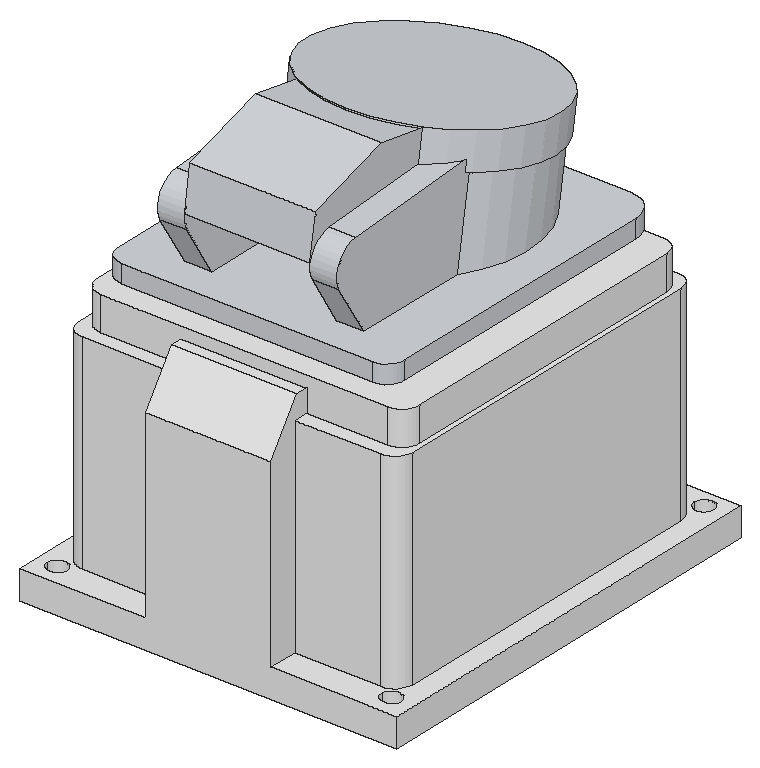
Revit family "Building-ConnessioniIEC309-GEWISS-IEC309HP-PRESE_FISSE_PAR_10°_32A_IP44", category Apparecchi elettrici, host Superficie, Revit 2019
Family settings
  Host = Superficie
  Mantenere orientamento annotazione = Sì
  Quota connettore circolare = Usa diametro
  Tipo di parte = Normale
  Taglio con vuoti quando caricato = No
  Condiviso = No
  Punto di calcolo locali = Sì
Parameters (values of type "GW62422 - PRESA FISSA 10°PAR.PR.3P+N+T 32A 500V 7H")
  simbolo acceso [instance] = yes
  distanza_simbolo [instance] = 1 mm
  distanza dal piano [instance] = 0 mm
  W = 115 mm  # constant formula
  Versione file RFA = "21.11"
  URL = "https://www.gewiss.com/it/it"
  Tipologia = "Presa fissa da parete 10°"
  Tipo Cablaggio = "A vite"
  Termopressione con biglia = "125 °C (Parti attive) - 80 °C (Parti passive)"
  Tensione nominale = "480-500V"
  Temperatura di utilizzo = "-25 +55 °C"
  Spostamento_effettivo_S [instance] = 4000 mm - Spostamento_S  # 3045 mm
  Spostamento_S = 955 mm
  Sportello_visibile = yes
  Sovraccarico ammissibile = "42A"
  Scheda Tecnica = "https://www.gewiss.com/it/it/search?q=GW62422"
  SPinotto = Default(2)
  SEO = "Presa"
  Riferimento h = "7"
  Resistenza di isolamento = "- 10 M?"
  Resistenza agli urti = "IK08"
  Prospetto di default = 500 mm
  Produttore = "GEWISS S.p.A."
  Prodotto a stock = ""
  Potere d'interruzione a 1,1 Un = "40A"
  Piastra = Default(2)
  N. poli = "3P+N+T"
  N. Manovre complessive = "-2000"
  Modello = "GW62422"
  L = 155 mm  # constant formula
  Immagine tipo = (empty or 0)
  IDT = "e56290d74415465eb94a97a5e8d73560"
  IDF = "994e9a97-b8e8-427c-9382-c53815a03ba9"
  Grado di protezione = "IP44"
  Glow wire test: = "850 °C (Parti attive) - 650 °C (Parti passive)"
  Frequenza = "50/60 Hz"
  FORMULA = 1000 mm * 1  # 1000 mm
  Descrizione = "PRESA FISSA 10°PAR.PR.3P+N+T 32A 500V 7H"
  Creato da GEWISS S.p.A. = ""
  Corrente nominale (A) = "32"
  Corpo centrale = Default(2)
  Colore: = "Nero"
  Codice Electrocod = "2210"
  Catalogo = "BUILDING"
  CapacitÃ  serraggio morsetti = "2,5-6 mm² cavi flessibili - 2,5-10 mm² cavi rigidi"
  COBie.Tagnumber = ""
  COBie.CreatedOn = ""
  COBie.CreatebBy = ""
  COBie.ComponentRegisterItemID = ""
  COBie.Component.TagNumber = ""
  COBie.Component.Space = ""
  COBie.Component.SerialNumber = ""
  COBie.Component.InstallationDate = ""
  COBie.Component.Description = ""
  COBie.Component.BarCode = ""
  BLOCCO = "B=C"
Types (11, lengths in mm): name | Tensione nominale | Scheda Tecnica | Riferimento h | N. poli | Modello | IDT | Descrizione | Colore:
  GW62412 - PRESA FISSA 10°PAR.PR.2P+T 32A 110V 4H | "100-130V" | "https://www.gewiss.com/it/it/search?q=GW62412" | "4" | "2P+T" | "GW62412" | "a7dab981ee004b7d8748d08db21b9ada" | "PRESA FISSA 10°PAR.PR.2P+T 32A 110V 4H" | "Giallo"
  GW62413 - PRESA FISSA 10°PAR.PR.3P+T 32A 110V 4H | "100-130V" | "https://www.gewiss.com/it/it/search?q=GW62413" | "4" | "3P+T" | "GW62413" | "cfb034643ea440a2b830dae04109279a" | "PRESA FISSA 10°PAR.PR.3P+T 32A 110V 4H" | "Giallo"
  GW62414 - PRESA FISSA 10°PAR.PR.3P+N+T 32A 110V 4H | "100-130V" | "https://www.gewiss.com/it/it/search?q=GW62414" | "4" | "3P+N+T" | "GW62414" | "6c024dd7679c428695b3ffa366d4110e" | "PRESA FISSA 10°PAR.PR.3P+N+T 32A 110V 4H" | "Giallo"
  GW62415 - PRESA FISSA 10°PAR.PR.2P+T 32A 230V 6H | "200-250V" | "https://www.gewiss.com/it/it/search?q=GW62415" | "6" | "2P+T" | "GW62415" | "418f4406cd3a41f79fbc71380506f30d" | "PRESA FISSA 10°PAR.PR.2P+T 32A 230V 6H" | "Blu"
  GW62416 - PRESA FISSA 10°PAR.PR.3P+T 32A 230V 9H | "200-250V" | "https://www.gewiss.com/it/it/search?q=GW62416" | "9" | "3P+T" | "GW62416" | "4c3b958f72194db6b5eb65783c90cdcf" | "PRESA FISSA 10°PAR.PR.3P+T 32A 230V 9H" | "Blu"
  GW62417 - PRESA FISSA 10°PAR.PR.3P+N+T 32A 230V 9H | "200-250V" | "https://www.gewiss.com/it/it/search?q=GW62417" | "9" | "3P+N+T" | "GW62417" | "bea48a01646140aa9d9c04f0b2b894f9" | "PRESA FISSA 10°PAR.PR.3P+N+T 32A 230V 9H" | "Blu"
  GW62418 - PRESA FISSA 10°PAR.PR.2P+T 32A 400V 9H | "380-415V" | "https://www.gewiss.com/it/it/search?q=GW62418" | "9" | "2P+T" | "GW62418" | "102ae2ff2cfd4e079bc437688800c38d" | "PRESA FISSA 10°PAR.PR.2P+T 32A 400V 9H" | "Rosso"
  GW62419 - PRESA FISSA 10°PAR.PR.3P+T 32A 400V 6H | "380-415V" | "https://www.gewiss.com/it/it/search?q=GW62419" | "6" | "3P+T" | "GW62419" | "8d38ac094602461c9717a7080df86d98" | "PRESA FISSA 10°PAR.PR.3P+T 32A 400V 6H" | "Rosso"
  GW62420 - PRESA FISSA 10°PAR.PR.3P+N+T 32A 400V 6H | "380-415V" | "https://www.gewiss.com/it/it/search?q=GW62420" | "6" | "3P+N+T" | "GW62420" | "90094f945908400787bb18f5cf23e2b9" | "PRESA FISSA 10°PAR.PR.3P+N+T 32A 400V 6H" | "Rosso"
  GW62421 - PRESA FISSA 10°PAR.PR.3P+T 32A 500V 7H | "480-500V" | "https://www.gewiss.com/it/it/search?q=GW62421" | "7" | "3P+T" | "GW62421" | "371efae5063b47828139bba0a89bacfc" | "PRESA FISSA 10°PAR.PR.3P+T 32A 500V 7H" | "Nero"
  GW62422 - PRESA FISSA 10°PAR.PR.3P+N+T 32A 500V 7H | "480-500V" | "https://www.gewiss.com/it/it/search?q=GW62422" | "7" | "3P+N+T" | "GW62422" | "e56290d74415465eb94a97a5e8d73560" | "PRESA FISSA 10°PAR.PR.3P+N+T 32A 500V 7H" | "Nero"
Reference planes
  plane 1 "Centro (Fronte/Retro)": y = 0
  plane 2: z = 0
  plane 3 "Centro (Sinistra/Destra)": x = 0
  plane 4: x = -3000
  plane 5: x = 45
  plane 6: z = 0
Dimensions and locks
  plane 4 to plane 3 "Centro (Sinistra/Destra)" = 3000 mm
  "Spostamento_effettivo_S": plane 4 to plane 5
  "distanza dal piano": plane 6 to plane 2
  aligned and locked: plane 2 to host face
  aligned and locked: level to host face
  aligned and locked: plane 3 "Centro (Sinistra/Destra)" to nested 1
  aligned and locked: plane 1 "Centro (Fronte/Retro)" to nested 1
  aligned and locked: nested 2 to plane 5
  aligned and locked: plane 1 "Centro (Fronte/Retro)" to nested 3
  aligned and locked: plane 3 "Centro (Sinistra/Destra)" to nested 3
Automatic sketch dimensions
  host sketch curve to host sketch curve = 2438.4 mm  (x2)
Nested families
  nested 1: "IEC309 PRESE FISSE PARETE 10' 16A IP44_BASE" at (0, 0, 0), type "IEC309 PRESE FISSE PARETE 10' 16A IP44_BASE"
  nested 2: "GWGW62201FH - SIMBOLO_PRESA" at (45, 171.559, 0), visible <- "simbolo acceso", Distanza dal muro <- "distanza_simbolo", type "3P"
    with SIMBOLO ACCESO yes, Distanza dal muro 1 mm
  nested 3: "GW62412_dett_presa front" at (0, 3.479, 0), type "GW62412_dett_presa front"
Connectors
  electrical at (37.5, 30, 0)
    settings: on nested 1, index 1, voltage 0 V, apparent load 0 VA, apparent load phase1 0 VA, apparent load phase2 0 VA, apparent load phase3 0 VA, power factor 1, load classification "Altro", number of poles 1, system type 31, power factor state 1, is connector primary yes, connector utility no, sub classification motor no, connector description ""
Definition of nested family "IEC309 PRESE FISSE PARETE 10' 16A IP44_BASE"
  Parameters (values of type "IEC309 PRESE FISSE PARETE 10' 16A IP44_BASE")
    sp_ghiera = 16 mm
    r2 = 39 mm
    h = 120 mm  # constant formula
    dis_base = 71 mm
    Sportello = yes
    Spinotto = none
    R1 = 42 mm
    PIASTRA = none
    Lunghezza totale = 140 mm
    CENTRALE = none
    Bsae = 105 mm  # constant formula
  Reference planes
    plane 1 "Centro (Fronte/Retro)": y = 0
    plane 2: z = 0
    plane 3 "Centro (Sinistra/Destra)": x = 0
    plane 4: x = 105
    plane 5: y = 120
    plane 6: x = 52.5
    plane 7: y = 114.875
    plane 8: y = 5.75
    plane 9: x = 5.75
    plane 10: x = 99
    plane 11: z = 8
    plane 12: y = 111.673
    plane 13: y = 8.334
    plane 14: z = 66
    plane 15: x = 7.498
    plane 16: y = 108.673
    plane 17: x = 97.498
    plane 18: y = 12.508
    plane 19: z = 75.463
    plane 20: x = 27.511
    plane 21: x = 32.023
    plane 22: x = 77.489
    plane 23: x = 72.977
    plane 24: x = 35.01
    plane 25: x = 69.99
    plane 26: x = 12.474
    plane 27: y = 107.576
    plane 28: x = 92.474
    plane 29: y = 13.508
  Forms (mm)
    Extrusion 1, solid, material <- "PIASTRA"
      sketch origin (0, 0, 0) x (1, 0, 0) y (0, 1, 0)
        loop
          line (0, 120) -> (0, 0) -> (105, 0) -> (105, 120) -> (0, 120)
      from 0 to 8
    Extrusion 2, void
      sketch origin (0, 0, 0) x (1, 0, 0) y (0, 1, 0)
        loop
          circle (5.75, 114.875) r 2.8
        loop
          circle (99, 114.875) r 2.8
        loop
          circle (5.75, 5.75) r 2.8
        loop
          circle (99, 5.75) r 2.8
      from 0 to 8
    Extrusion 3, solid, material <- "PIASTRA"
      sketch origin (0, 0, 0) x (1, 0, 0) y (0, 1, 0)
        loop
          line (5.75, 106.673) -> (5.75, 13.334)
          arc (5.75, 13.334) -> (7.214, 9.799) -> (10.75, 8.334) r 5
          line (10.75, 8.334) -> (94, 8.334)
          arc (94, 8.334) -> (97.536, 9.799) -> (99, 13.334) r 5
          line (99, 13.334) -> (99, 106.673)
          arc (99, 106.673) -> (97.536, 110.208) -> (94, 111.673) r 5
          line (94, 111.673) -> (10.75, 111.673)
          arc (10.75, 111.673) -> (7.214, 110.208) -> (5.75, 106.673) r 5
      from 8 to 66
    Extrusion 4, solid, material <- "PIASTRA"
      sketch origin (0, 0, 0) x (1, 0, 0) y (0, 1, 0)
        loop
          arc (12.498, 108.673) -> (8.962, 107.208) -> (7.498, 103.673) r 5
          line (7.498, 103.673) -> (7.498, 17.508)
          arc (7.498, 17.508) -> (8.962, 13.972) -> (12.498, 12.508) r 5
          line (12.498, 12.508) -> (92.498, 12.508)
          arc (92.498, 12.508) -> (96.033, 13.972) -> (97.498, 17.508) r 5
          line (97.498, 17.508) -> (97.498, 103.673)
          arc (97.498, 103.673) -> (96.033, 107.208) -> (92.498, 108.673) r 5
          line (92.498, 108.673) -> (12.498, 108.673)
      from 66 to 75.463
    Extrusion 5, solid, material <- "PIASTRA"
      sketch origin (0, 110, 0) x (0, -1, 0) y (0, 0, -1)
        loop
          line (-10, 0) -> (-10, -59.349) -> (-0.915, -72.253) -> (2.903, -72.253) -> (2.903, 0) -> (-10, 0)
      from 35.01 to 69.99
    Extrusion 6, solid, material <- "PIASTRA"
      sketch origin (0, 10, 0) x (0, 1, 0) y (0, 0, 1)
        loop
          line (-10, 0) -> (2.508, 0) -> (2.508, 72.253) -> (-0.915, 72.253) -> (-10, 59.349) -> (-10, 0)
      from 35.01 to 69.99
    Extrusion 7, solid
      sketch origin (0, 0, 0) x (1, 0, 0) y (0, 1, 0)
        loop
          arc (12.474, 18.508) -> (13.938, 14.972) -> (17.474, 13.508) r 5
          line (17.474, 13.508) -> (87.474, 13.508)
          arc (87.474, 13.508) -> (91.009, 14.972) -> (92.474, 18.508) r 5
          line (92.474, 18.508) -> (92.474, 99.118)
          arc (92.474, 99.118) -> (89.997, 105.099) -> (84.016, 107.576) r 8.458
          line (84.016, 107.576) -> (17.474, 107.576)
          arc (17.474, 107.576) -> (13.938, 106.111) -> (12.474, 102.576) r 5
          line (12.474, 102.576) -> (12.474, 18.508)
      from 79.524 to 84.524
    Sweep 8, solid
      path origin (0, 0, 0) x (0, 1, 0) y (0, 0, 1)
        loop
          line (76.838, 105.496) -> (78.575, 115.349)
      profile origin (0, 77.707, 110.423) x (0, -0.984808, 0.173648) y (1, 0, 0)
        loop
          circle (0, 52.5) r 31.5
    Extrusion 9, solid
      sketch origin (0, 0, 0) x (0, 1, 0) y (0, 0, 1)
        loop
          arc (13.666, 103.089) -> (15.893, 107.235) -> (20.216, 109.093) r 7.136
          line (20.216, 109.093) -> (51.287, 111.282) -> (52.751, 119.59) -> (38.491, 122.104) -> (15.564, 115.091) -> (13.666, 103.089)
      from 35.01 to 69.99
    Sweep 10, solid
      path origin (0, 0, 0) x (0, 1, 0) y (0, 0, 1)
        loop
          line (76.838, 105.496) -> (72.258, 79.524)
      profile origin (0, 74.548, 92.51) x (0, 0.984808, -0.173648) y (1, 0, 0)
        loop
          circle (0, 52.5) r 30.5
    Extrusion 11, solid
      sketch origin (0, 0, 0) x (0, 1, 0) y (0, 0, 1)
        loop
          arc (20.216, 109.093) -> (14.465, 105.419) -> (14.43, 98.594) r 7.136
          line (14.43, 98.594) -> (23.098, 84.524) -> (56.917, 84.524) -> (61.765, 112.02) -> (20.216, 109.093)
      from 27.511 to 35.01
    Extrusion 12, solid
      sketch origin (105, 0, 0) x (0, 1, 0) y (0, 0, -1)
        loop
          line (20.216, -109.093) -> (61.765, -112.02) -> (56.917, -84.524) -> (23.098, -84.524) -> (14.43, -98.594)
          arc (14.43, -98.594) -> (14.465, -105.419) -> (20.216, -109.093) r 7.136
      from 27.511 to 35.01
  Cuts and joins
    Extrusion 2 cuts Extrusion 1
    joined: Extrusion 1, Extrusion 3, Extrusion 5, Extrusion 6
    joined: Extrusion 7, Sweep 10, Extrusion 11, Extrusion 12
  Dimensions and locks
    plane 3 "Centro (Sinistra/Destra)" to plane 4 = 105 mm
    plane 1 "Centro (Fronte/Retro)" to plane 5 = 120 mm
    equal spacing: plane 3 "Centro (Sinistra/Destra)", plane 6, plane 4
    locked: plane 3 "Centro (Sinistra/Destra)" to plane 9 at 5.75
    locked: plane 10 to plane 4 at 6
    locked: plane 1 "Centro (Fronte/Retro)" to plane 8 at 5.75
    locked: plane 5 to plane 7 at 5.125
    locked: plane 11 to level at 8
    "Bsae": plane 3 "Centro (Sinistra/Destra)" to plane 4
    "h": plane 1 "Centro (Fronte/Retro)" to plane 5
    locked: plane 12 to plane 7 at 3.202
    locked: plane 8 to plane 13 at 2.584
    locked: plane 14 to plane 11 at 58
    locked: plane 17 to plane 10 at 1.502
    locked: plane 20 to plane 21 at 4.513
    locked: plane 23 to plane 22 at 4.513
    equal spacing: plane 20, plane 6, plane 22
    locked: plane 12 to plane 16 at 3
    equal spacing: plane 24, plane 6, plane 25
    plane 24 to plane 25 = 34.979 mm
    locked: plane 16 to plane 27 at 1.097
    locked: plane 9 to plane 26 at 6.724
    locked: plane 28 to plane 10 at 6.526
    plane 18 to plane 29 = 1 mm
    diameter of cut or joined group of Extrusion 1, Extrusion 2, Extrusion 3, Extrusion 5, Extrusion 6 = 5.6 mm
    radius of Extrusion 3 sketch curve = 5 mm  (x3)
    radius of Extrusion 4 sketch curve = 5 mm  (x3)
    radius of Extrusion 7 sketch curve = 5 mm  (x3)
    radius of Extrusion 7 sketch curve = 8.458 mm
    aligned and locked: level to plane 2
    aligned and locked: Extrusion 1 sketch curve to plane 3 "Centro (Sinistra/Destra)"
    aligned and locked: Extrusion 1 sketch curve to plane 5
    aligned and locked: Extrusion 1 sketch curve to plane 4
    aligned and locked: Extrusion 1 sketch curve to plane 1 "Centro (Fronte/Retro)"
    aligned and locked: plane 11 to Extrusion 1
    aligned and locked: plane 9 to Extrusion 2 sketch curve  (x2)
    aligned and locked: plane 7 to Extrusion 2 sketch curve  (x2)
    aligned and locked: plane 10 to Extrusion 2 sketch curve  (x2)
    aligned and locked: plane 8 to Extrusion 2 sketch curve  (x2)
    aligned and locked: cut or joined group of Extrusion 1, Extrusion 2, Extrusion 3, Extrusion 5, Extrusion 6 to level
    aligned and locked: Extrusion 1 to Extrusion 2
    aligned and locked: Extrusion 3 sketch curve to plane 9
    aligned and locked: Extrusion 3 sketch curve to plane 10
    aligned and locked: Extrusion 3 sketch curve to plane 13
    aligned and locked: plane 12 to Extrusion 3 sketch curve
    aligned and locked: plane 14 to Extrusion 3
    aligned and locked: Extrusion 3 to plane 11
    aligned and locked: Extrusion 4 sketch curve to plane 16
    aligned and locked: Extrusion 4 sketch curve to plane 15
    aligned and locked: Extrusion 4 sketch curve to plane 17
    aligned and locked: Extrusion 4 sketch curve to plane 18
    aligned and locked: Extrusion 4 to plane 14
    aligned and locked: Extrusion 4 to plane 19
    aligned and locked: Extrusion 5 to plane 25
    aligned and locked: Extrusion 5 to plane 24
    aligned and locked: Extrusion 7 sketch curve to plane 26
    aligned and locked: Extrusion 7 sketch curve to plane 27
    aligned and locked: Extrusion 7 sketch curve to plane 28
    aligned and locked: plane 29 to Extrusion 7 sketch curve
    aligned and locked: Extrusion 6 sketch curve to plane 18
    aligned and locked: plane 6 to Sweep 8 sketch curve
    aligned and locked: plane 24 to Extrusion 9
    aligned and locked: Extrusion 9 to plane 25
    aligned and locked: plane 6 to Sweep 10 sketch curve
    aligned and locked: Extrusion 11 sketch curve to Extrusion 9  (x2)
    aligned and locked: Extrusion 7 to Extrusion 11 sketch curve
    aligned and locked: Extrusion 11 to plane 20
    aligned and locked: Extrusion 11 to cut or joined group of Extrusion 1, Extrusion 2, Extrusion 3, Extrusion 5, Extrusion 6
  Automatic sketch dimensions
    plane 26 to Extrusion 3 sketch curve = 1.724 mm
    Extrusion 4 sketch curve to plane 26 = 0.024 mm
    Extrusion 5 sketch curve to level = 0 mm
    Extrusion 5 sketch curve to plane 5 = 0 mm
    Extrusion 5 sketch curve to plane 12 = 0.758 mm
    plane 27 to Extrusion 5 sketch curve = 0.479 mm
    plane 14 to Extrusion 5 sketch curve = 6.651 mm
    Extrusion 5 sketch curve to plane 19 = 3.211 mm
    Extrusion 6 sketch curve to level = 0 mm
    Extrusion 6 sketch curve to plane 1 "Centro (Fronte/Retro)" = 0 mm
    Extrusion 6 sketch curve to plane 13 = 0.751 mm
    Extrusion 6 sketch curve to plane 14 = 6.651 mm
    Extrusion 7 sketch curve to Extrusion 7 sketch curve = 0 mm
    Sweep 8 sketch curve to plane 27 = 30.738 mm
    Sweep 8 sketch curve to plane 19 = 30.033 mm
    Sweep 8 sketch curve to Sweep 8 sketch curve = 1.737 mm
    Sweep 8 sketch curve to Sweep 8 sketch curve = 9.852 mm
    Sweep 8 sketch curve to profile plane = 0 mm
    Extrusion 9 sketch curve to Extrusion 9 sketch curve = 18.275 mm
    Extrusion 9 sketch curve to plane 19 = 35.818 mm
    Extrusion 9 sketch curve to Extrusion 9 sketch curve = 1.465 mm
    Extrusion 9 sketch curve to Extrusion 9 sketch curve = 8.308 mm
    plane 29 to Extrusion 9 sketch curve = 0.158 mm
    Extrusion 9 sketch curve to Extrusion 9 sketch curve = 0 mm  (x2)
    Sweep 10 sketch curve to plane 19 = 4.061 mm
    Sweep 10 sketch curve to plane 27 = 35.317 mm
    Sweep 10 sketch curve to Sweep 10 sketch curve = 4.58 mm
    Sweep 10 sketch curve to Sweep 10 sketch curve = 25.972 mm
    Sweep 10 sketch curve to profile plane = 0 mm
    Extrusion 11 sketch curve to Extrusion 11 sketch curve = 33.818 mm
    Extrusion 11 sketch curve to plane 19 = 36.557 mm
    plane 29 to Extrusion 12 sketch curve = 0.922 mm
    plane 29 to Extrusion 12 sketch curve = 6.708 mm
    Extrusion 12 sketch curve to Extrusion 12 sketch curve = 0.498 mm
    plane 29 to Extrusion 12 sketch curve = 9.591 mm
    Extrusion 12 sketch curve to plane 19 = 9.061 mm
    Extrusion 12 sketch curve to Extrusion 12 sketch curve = 33.818 mm
    Extrusion 12 sketch curve to Extrusion 12 sketch curve = 4.848 mm
    Extrusion 12 sketch curve to Extrusion 12 sketch curve = 14.07 mm
    Extrusion 12 sketch curve to Extrusion 12 sketch curve = 3.38 mm
    Extrusion 12 sketch curve to Extrusion 12 sketch curve = 27.496 mm
    plane 19 to Extrusion 6 sketch curve = 3.211 mm
    plane 29 to Extrusion 9 sketch curve = 2.056 mm
    plane 29 to Extrusion 9 sketch curve = 6.708 mm
    Extrusion 9 sketch curve to Extrusion 9 sketch curve = 7.048 mm
    Extrusion 9 sketch curve to Extrusion 9 sketch curve = 12.795 mm
    Extrusion 9 sketch curve to Extrusion 9 sketch curve = 2.189 mm
    Extrusion 9 sketch curve to Extrusion 9 sketch curve = 7.118 mm
    Extrusion 9 sketch curve to Extrusion 9 sketch curve = 5.998 mm
    Extrusion 9 sketch curve to Extrusion 9 sketch curve = 2.514 mm
    plane 29 to Extrusion 11 sketch curve = 0.922 mm
    plane 29 to Extrusion 11 sketch curve = 9.591 mm
    radius of Extrusion 2 sketch curve = 2.8 mm  (x4)
    radius of Sweep 8 sketch curve = 31.5 mm
    radius of Sweep 10 sketch curve = 30.5 mm
Definition of nested family "GWGW62201FH - SIMBOLO_PRESA"
  Parameters (values of type "3P")
    SIMBOLO ACCESO [instance] = yes
    Distanza dal muro [instance] = 0 mm
  Reference planes
    plane 1: y = 0
    plane 2: x = 0
  Dimensions and locks
    "Distanza dal muro": plane 1 to nested 1
    aligned and locked: plane 2 to nested 1
  Nested families
    nested 1: "GWGW62201FH - SIMBOLO" at (0, 0, 0), visible <- "SIMBOLO ACCESO", type "3P"
  Definition of nested family "GWGW62201FH - SIMBOLO"
    Parameters (values of type "3P")
      CORNICE SIMBOLO [instance] = yes
      3P = yes
    Reference planes
      plane 1: y = 0
      plane 2: x = 0
    Lines and regions (mm)
      detail lines
        curve 1: circle (-0.314, 0.674, 0) r 0.057 normal (0, 0, 1)
        curve 2: arc (0.346, -0.009, 0) -> (0, 0.337, 0) -> (-0.346, -0.009, 0) r 0.346
        curve 3: line (0, 0.337, 0) -> (0.346, 0.337, 0)
        curve 4: line (0, 3.386, 0) -> (0, 0.337, 0)
        curve 5: line (0, 0.337, 0) -> (-0.314, 0.674, 0)
Definition of nested family "GW62412_dett_presa front"
  Reference planes
    plane 1 "Centro (Fronte/Retro)": y = 0
    plane 2: z = 0
    plane 3 "Centro (Sinistra/Destra)": x = 0
  Lines and regions (mm)
    detail lines, in view "Livello rif."
      curve 1: arc (74.277, 69.357, 0) -> (52.474, 77.362, 0) -> (30.67, 69.357, 0) r 33.699
      curve 2: spline (30.67, 70.944, 0) -> (28.735, 69.156, 0) -> (26.952, 67.222, 0) -> (25.33, 65.154, 0) -> (23.88, 62.966, 0) -> (22.612, 60.671, 0) -> (21.534, 58.284, 0) -> (20.652, 55.82, 0) -> (19.972, 53.294, 0) -> (19.498, 50.723, 0) -> (19.233, 48.123, 0) -> (19.18, 45.511, 0) -> (19.338, 42.903, 0)
      curve 3: spline (85.61, 42.911, 0) -> (85.767, 45.518, 0) -> (85.713, 48.13, 0) -> (85.448, 50.729, 0) -> (84.974, 53.299, 0) -> (84.294, 55.824, 0) -> (83.412, 58.287, 0) -> (82.333, 60.674, 0) -> (81.066, 62.968, 0) -> (79.616, 65.156, 0) -> (77.995, 67.223, 0) -> (76.211, 69.157, 0) -> (74.277, 70.944, 0)
      curve 4: spline (31.986, 99.872, 0) -> (31.814, 99.86, 0) -> (31.645, 99.826, 0) -> (31.482, 99.769, 0) -> (31.328, 99.691, 0) -> (31.185, 99.593, 0) -> (31.055, 99.476, 0) -> (30.942, 99.344, 0) -> (30.846, 99.197, 0) -> (30.77, 99.038, 0) -> (30.715, 98.871, 0) -> (30.681, 98.698, 0) -> (30.67, 98.521, 0)
      curve 5: line (31.17, 79.876, 0) -> (30.788, 79.987, 0)
      curve 6: line (31.307, 79.868, 0) -> (30.788, 79.987, 0)
      curve 7: line (73.643, 79.874, 0) -> (31.307, 79.868, 0)
      curve 8: line (73.779, 79.883, 0) -> (74.16, 79.994, 0)
      curve 9: line (73.643, 79.874, 0) -> (74.16, 79.994, 0)
      curve 10: spline (74.277, 98.521, 0) -> (74.266, 98.698, 0) -> (74.232, 98.871, 0) -> (74.177, 99.039, 0) -> (74.101, 99.197, 0) -> (74.005, 99.344, 0) -> (73.892, 99.477, 0) -> (73.762, 99.593, 0) -> (73.619, 99.691, 0) -> (73.464, 99.769, 0) -> (73.301, 99.826, 0) -> (73.132, 99.86, 0) -> (72.96, 99.872, 0)
      curve 11: spline (78.446, 44.022, 0) -> (77.561, 50.642, 0) -> (74.967, 56.811, 0) -> (70.839, 62.109, 0) -> (65.46, 66.173, 0) -> (59.196, 68.729, 0) -> (52.474, 69.6, 0) -> (45.751, 68.729, 0) -> (39.487, 66.173, 0) -> (34.108, 62.109, 0) -> (29.98, 56.811, 0) -> (27.386, 50.642, 0) -> (26.501, 44.022, 0) -> (27.386, 37.402, 0) -> (29.98, 31.233, 0) -> (34.108, 25.935, 0) -> (39.487, 21.87, 0) -> (45.751, 19.315, 0) -> (52.474, 18.444, 0) -> (59.196, 19.315, 0) -> (65.46, 21.87, 0) -> (70.839, 25.935, 0) -> (74.967, 31.233, 0) -> (77.561, 37.402, 0) -> (78.446, 44.022, 0)
      curve 12: arc (19.505, 41.246, 0) -> (20.828, 34.911, 0) -> (23.388, 28.967, 0) r 32.303
      curve 13: arc (23.387, 28.966, 0) -> (26.643, 24.163, 0) -> (30.695, 20.01, 0) r 32.746
      curve 14: arc (30.857, 19.805, 0) -> (31.078, 19.376, 0) -> (31.309, 18.951, 0) r 22.139
      curve 15: line (74.253, 20.011, 0) -> (31.309, 18.951, 0)
      curve 16: spline (74.253, 20.011, 0) -> (75.871, 21.5, 0) -> (77.385, 23.091, 0) -> (78.789, 24.778, 0) -> (80.076, 26.554, 0) -> (81.241, 28.409, 0) -> (82.278, 30.336, 0) -> (83.184, 32.326, 0) -> (83.953, 34.371, 0) -> (84.583, 36.461, 0) -> (85.07, 38.587, 0) -> (85.413, 40.74, 0) -> (85.61, 42.911, 0)
      curve 17: arc (30.237, 74.6, 0) -> (30.557, 75.043, 0) -> (30.67, 75.578, 0) r 1.321
      curve 18: spline (30.237, 74.6, 0) -> (28.626, 73.008, 0) -> (27.126, 71.308, 0) -> (25.744, 69.508, 0) -> (24.485, 67.617, 0) -> (23.356, 65.643, 0) -> (22.362, 63.595, 0) -> (21.507, 61.483, 0) -> (20.796, 59.317, 0) -> (20.232, 57.106, 0) -> (19.817, 54.862, 0) -> (19.553, 52.593, 0) -> (19.442, 50.311, 0)
      curve 19: spline (85.505, 50.311, 0) -> (85.394, 52.595, 0) -> (85.13, 54.865, 0) -> (84.714, 57.112, 0) -> (84.149, 59.324, 0) -> (83.437, 61.492, 0) -> (82.581, 63.605, 0) -> (81.585, 65.654, 0) -> (80.454, 67.629, 0) -> (79.194, 69.522, 0) -> (77.809, 71.322, 0) -> (76.307, 73.022, 0) -> (74.694, 74.614, 0)
      curve 20: arc (74.277, 75.578, 0) -> (74.386, 75.053, 0) -> (74.694, 74.614, 0) r 1.321
      curve 21: line (74.277, 69.357, 0) -> (74.277, 78.193, 0)
      curve 22: line (74.277, 78.193, 0) -> (74.277, 98.521, 0)
      curve 23: line (30.67, 98.521, 0) -> (30.67, 78.193, 0)
      curve 24: line (30.67, 78.193, 0) -> (30.67, 69.357, 0)
      curve 25: line (31.986, 99.872, 0) -> (35.493, 99.872, 0)
      curve 26: line (35.493, 99.872, 0) -> (36.167, 99.872, 0)
      curve 27: line (36.167, 99.872, 0) -> (68.782, 99.872, 0)
      curve 28: line (68.782, 99.872, 0) -> (69.454, 99.872, 0)
      curve 29: line (69.454, 99.872, 0) -> (72.96, 99.872, 0)
      curve 30: line (19.505, 41.246, 0) -> (19.338, 42.903, 0)
      curve 31: arc (84.55, 7.455, 0) -> (90.155, 9.826, 0) -> (92.47, 15.455, 0) r 8
      curve 32: arc (12.47, 15.455, 0) -> (14.785, 9.826, 0) -> (20.39, 7.455, 0) r 8
      curve 33: circle (82.469, 90.102, 0) r 2.09 normal (0, 0, 1)
      curve 34: circle (22.469, 90.102, 0) r 2.072 normal (0, 0, 1)
      curve 35: circle (22.469, 20.094, 0) r 2.068 normal (0, 0, 1)
      curve 36: circle (82.468, 20.094, 0) r 2.075 normal (0, 0, 1)
      curve 37: line (72.295, 30.252, 0) -> (71.634, 29.591, 0)
      curve 38: spline (33.313, 29.591, 0) -> (36.445, 29.452, 0) -> (39.611, 29.337, 0) -> (42.803, 29.248, 0) -> (46.016, 29.185, 0) -> (49.241, 29.146, 0) -> (52.474, 29.133, 0) -> (55.706, 29.146, 0) -> (58.932, 29.185, 0) -> (62.144, 29.248, 0) -> (65.336, 29.337, 0) -> (68.502, 29.452, 0) -> (71.634, 29.591, 0)
      curve 39: line (33.313, 29.591, 0) -> (32.652, 30.252, 0)
      curve 40: spline (71.634, 29.605, 0) -> (71.721, 29.614, 0) -> (71.805, 29.633, 0) -> (71.887, 29.663, 0) -> (71.965, 29.703, 0) -> (72.036, 29.751, 0) -> (72.101, 29.808, 0) -> (72.158, 29.873, 0) -> (72.206, 29.943, 0) -> (72.245, 30.019, 0) -> (72.272, 30.098, 0) -> (72.289, 30.18, 0) -> (72.295, 30.263, 0)
      curve 41: spline (32.652, 30.263, 0) -> (32.658, 30.18, 0) -> (32.675, 30.098, 0) -> (32.702, 30.019, 0) -> (32.741, 29.943, 0) -> (32.789, 29.873, 0) -> (32.846, 29.808, 0) -> (32.911, 29.751, 0) -> (32.982, 29.703, 0) -> (33.06, 29.663, 0) -> (33.142, 29.633, 0) -> (33.227, 29.614, 0) -> (33.313, 29.605, 0)
      curve 42: line (32.652, 57.58, 0) -> (33.306, 58.218, 0)
      curve 43: spline (33.306, 58.218, 0) -> (36.44, 58.079, 0) -> (39.607, 57.965, 0) -> (42.8, 57.876, 0) -> (46.013, 57.812, 0) -> (49.24, 57.774, 0) -> (52.474, 57.761, 0) -> (55.707, 57.774, 0) -> (58.934, 57.812, 0) -> (62.147, 57.876, 0) -> (65.34, 57.965, 0) -> (68.507, 58.079, 0) -> (71.641, 58.218, 0)
      curve 44: line (71.641, 58.218, 0) -> (72.295, 57.58, 0)
      curve 45: arc (20.474, 102.411, 0) -> (14.817, 100.068, 0) -> (12.474, 94.411, 0) r 8
      curve 46: line (75.894, 3.927, 0) -> (75.894, -5.164, 0)
      curve 47: line (40.888, 2.242, 0) -> (40.888, -3.479, 0)
      curve 48: line (40.888, -3.479, 0) -> (64.112, -3.479, 0)
      curve 49: line (64.112, -3.479, 0) -> (64.112, 2.242, 0)
      curve 50: line (64.112, 2.242, 0) -> (40.888, 2.242, 0)
      curve 51: line (25.69, -5.164, 0) -> (25.69, 3.927, 0)
      curve 52: line (97.995, 9.084, 0) -> (97.771, 7.739, 0)
      curve 53: line (97.771, 7.739, 0) -> (97.315, 6.51, 0)
      curve 54: line (97.315, 6.51, 0) -> (95.413, 4.6, 0)
      curve 55: line (95.413, 4.6, 0) -> (94.176, 4.036, 0)
      curve 56: line (94.176, 4.036, 0) -> (92.831, 3.927, 0)
      curve 57: line (92.831, 3.927, 0) -> (12.275, 3.927, 0)
      curve 58: line (12.275, 3.927, 0) -> (10.922, 4.036, 0)
      curve 59: line (10.922, 4.036, 0) -> (9.693, 4.6, 0)
      curve 60: line (9.693, 4.6, 0) -> (8.68, 5.381, 0)
      curve 61: line (8.68, 5.381, 0) -> (7.783, 6.51, 0)
      curve 62: line (7.783, 6.51, 0) -> (7.335, 7.739, 0)
      curve 63: line (7.335, 7.739, 0) -> (7.111, 9.084, 0)
      curve 64: line (7.111, 9.084, 0) -> (7.111, 100.587, 0)
      curve 65: line (9.2, 1.229, 0) -> (8.976, 2.466, 0)
      curve 66: line (8.976, 2.466, 0) -> (8.303, 3.479, 0)
      curve 67: line (8.303, 3.479, 0) -> (7.29, 4.151, 0)
      curve 68: line (7.29, 4.151, 0) -> (6.053, 4.376, 0)
      curve 69: line (6.053, 4.376, 0) -> (4.932, 4.151, 0)
      curve 70: line (4.932, 4.151, 0) -> (3.92, 3.479, 0)
      curve 71: line (3.92, 3.479, 0) -> (3.247, 2.466, 0)
      curve 72: line (3.247, 2.466, 0) -> (3.031, 1.229, 0)
      curve 73: line (3.031, 1.229, 0) -> (3.247, 0.108, 0)
      curve 74: line (3.247, 0.108, 0) -> (3.92, -0.897, 0)
      curve 75: line (3.92, -0.897, 0) -> (4.932, -1.569, 0)
      curve 76: line (4.932, -1.569, 0) -> (6.053, -1.801, 0)
      curve 77: line (6.053, -1.801, 0) -> (7.29, -1.569, 0)
      curve 78: line (7.29, -1.569, 0) -> (8.303, -0.897, 0)
      curve 79: line (8.303, -0.897, 0) -> (8.976, 0.108, 0)
      curve 80: line (8.976, 0.108, 0) -> (9.2, 1.229, 0)
      curve 81: line (101.969, 1.229, 0) -> (101.745, 0.108, 0)
      curve 82: line (101.745, 0.108, 0) -> (101.073, -0.897, 0)
      curve 83: line (101.073, -0.897, 0) -> (100.06, -1.569, 0)
      curve 84: line (100.06, -1.569, 0) -> (98.94, -1.801, 0)
      curve 85: line (98.94, -1.801, 0) -> (97.703, -1.569, 0)
      curve 86: line (97.703, -1.569, 0) -> (96.697, -0.897, 0)
      curve 87: line (96.697, -0.897, 0) -> (96.024, 0.108, 0)
      curve 88: line (96.024, 0.108, 0) -> (95.8, 1.229, 0)
      curve 89: line (95.8, 1.229, 0) -> (96.024, 2.466, 0)
      curve 90: line (96.024, 2.466, 0) -> (96.697, 3.479, 0)
      curve 91: line (96.697, 3.479, 0) -> (97.703, 4.151, 0)
      curve 92: line (97.703, 4.151, 0) -> (98.94, 4.376, 0)
      curve 93: line (98.94, 4.376, 0) -> (100.06, 4.151, 0)
      curve 94: line (100.06, 4.151, 0) -> (101.073, 3.479, 0)
      curve 95: line (101.073, 3.479, 0) -> (101.745, 2.466, 0)
      curve 96: line (101.745, 2.466, 0) -> (101.969, 1.229, 0)
      curve 97: line (99.836, -5.164, 0) -> (101.181, -4.94, 0)
      curve 98: line (101.181, -4.94, 0) -> (102.418, -4.492, 0)
      curve 99: line (102.418, -4.492, 0) -> (103.431, -3.595, 0)
      curve 100: line (103.431, -3.595, 0) -> (104.327, -2.582, 0)
      curve 101: line (104.327, -2.582, 0) -> (104.776, -1.353, 0)
      curve 102: line (104.776, -1.353, 0) -> (105, 0, 0)
      curve 103: line (105, 0, 0) -> (105, 109.671, 0)
      curve 104: line (100.662, 114.769, 0) -> (99.836, 114.836, 0)
      curve 105: line (99.836, 114.836, 0) -> (5.156, 114.836, 0)
      curve 106: line (0, 109.39, 0) -> (0, 0, 0)
      curve 107: line (0, 0, 0) -> (0.224, -1.353, 0)
      curve 108: line (0.224, -1.353, 0) -> (0.672, -2.582, 0)
      curve 109: line (0.672, -2.582, 0) -> (1.569, -3.595, 0)
      curve 110: line (1.569, -3.595, 0) -> (2.574, -4.492, 0)
      curve 111: line (2.574, -4.492, 0) -> (3.811, -4.94, 0)
      curve 112: line (3.811, -4.94, 0) -> (5.156, -5.164, 0)
      curve 113: line (5.156, -5.164, 0) -> (99.836, -5.164, 0)
      curve 114: line (75.894, 114.836, 0) -> (75.894, 105.751, 0)
      curve 115: line (25.69, 114.836, 0) -> (25.69, 105.751, 0)
      curve 116: line (9.2, 108.442, 0) -> (8.976, 107.205, 0)
      curve 117: line (8.976, 107.205, 0) -> (8.303, 106.307, 0)
      curve 118: line (8.303, 106.307, 0) -> (7.29, 105.634, 0)
      curve 119: line (7.29, 105.634, 0) -> (6.053, 105.302, 0)
      curve 120: line (6.053, 105.302, 0) -> (4.932, 105.634, 0)
      curve 121: line (4.932, 105.634, 0) -> (3.92, 106.307, 0)
      curve 122: line (3.92, 106.307, 0) -> (3.247, 107.205, 0)
      curve 123: line (3.247, 107.205, 0) -> (3.031, 108.442, 0)
      curve 124: line (3.031, 108.442, 0) -> (3.247, 109.679, 0)
      curve 125: line (3.247, 109.679, 0) -> (3.92, 110.683, 0)
      curve 126: line (3.92, 110.683, 0) -> (4.932, 111.356, 0)
      curve 127: line (4.932, 111.356, 0) -> (6.053, 111.579, 0)
      curve 128: line (6.053, 111.579, 0) -> (7.29, 111.356, 0)
      curve 129: line (7.29, 111.356, 0) -> (8.303, 110.683, 0)
      curve 130: line (8.303, 110.683, 0) -> (8.976, 109.679, 0)
      curve 131: line (8.976, 109.679, 0) -> (9.2, 108.442, 0)
      curve 132: line (7.111, 100.587, 0) -> (7.335, 101.932, 0)
      curve 133: line (7.335, 101.932, 0) -> (7.783, 103.169, 0)
      curve 134: line (7.783, 103.169, 0) -> (8.68, 104.289, 0)
      curve 135: line (8.68, 104.289, 0) -> (9.693, 105.079, 0)
      curve 136: line (9.693, 105.079, 0) -> (10.922, 105.634, 0)
      curve 137: line (10.922, 105.634, 0) -> (12.275, 105.751, 0)
      curve 138: line (12.275, 105.751, 0) -> (92.831, 105.751, 0)
      curve 139: line (92.831, 105.751, 0) -> (94.176, 105.634, 0)
      curve 140: line (94.176, 105.634, 0) -> (95.413, 105.079, 0)
      curve 141: line (95.413, 105.079, 0) -> (96.418, 104.289, 0)
      curve 142: line (96.418, 104.289, 0) -> (97.315, 103.169, 0)
      curve 143: line (97.315, 103.169, 0) -> (97.771, 101.932, 0)
      curve 144: line (97.771, 101.932, 0) -> (97.995, 100.587, 0)
      curve 145: line (97.995, 100.587, 0) -> (97.995, 9.084, 0)
      curve 146: line (101.969, 108.442, 0) -> (101.745, 109.679, 0)
      curve 147: line (101.745, 109.679, 0) -> (101.073, 110.683, 0)
      curve 148: line (101.073, 110.683, 0) -> (100.06, 111.356, 0)
      curve 149: line (100.06, 111.356, 0) -> (98.94, 111.579, 0)
      curve 150: line (98.94, 111.579, 0) -> (97.703, 111.356, 0)
      curve 151: line (97.703, 111.356, 0) -> (96.697, 110.683, 0)
      curve 152: line (96.697, 110.683, 0) -> (96.024, 109.679, 0)
      curve 153: line (96.024, 109.679, 0) -> (95.8, 108.442, 0)
      curve 154: line (95.8, 108.442, 0) -> (96.024, 107.205, 0)
      curve 155: line (96.024, 107.205, 0) -> (96.697, 106.307, 0)
      curve 156: line (96.697, 106.307, 0) -> (97.703, 105.634, 0)
      curve 157: line (97.703, 105.634, 0) -> (98.94, 105.302, 0)
      curve 158: line (98.94, 105.302, 0) -> (100.06, 105.634, 0)
      curve 159: line (100.06, 105.634, 0) -> (101.073, 106.307, 0)
      curve 160: line (101.073, 106.307, 0) -> (101.745, 107.205, 0)
      curve 161: line (101.745, 107.205, 0) -> (101.969, 108.442, 0)
      curve 162: line (39.539, 102.419, 0) -> (67.903, 102.419, 0)
      curve 163: line (67.903, 102.419, 0) -> (39.539, 102.419, 0)
      curve 164: line (39.539, 102.419, 0) -> (67.903, 102.419, 0)
      curve 165: line (57.62, 7.365, 0) -> (84.55, 7.455, 0)
      curve 166: line (92.474, 94.411, 0) -> (92.474, 15.096, 0)
      curve 167: line (12.474, 94.411, 0) -> (12.474, 15.096, 0)
      curve 168: line (47.582, 7.313, 0) -> (20.39, 7.455, 0)
      curve 169: line (32.652, 30.252, 0) -> (32.652, 33.088, 0)
      curve 170: line (32.652, 33.088, 0) -> (32.652, 57.58, 0)
      curve 171: line (72.295, 57.58, 0) -> (72.295, 54.558, 0)
      curve 172: line (72.295, 54.558, 0) -> (72.295, 30.252, 0)
      curve 173: line (37.674, 99.872, 0) -> (37.674, 102.411, 0)
      curve 174: line (20.474, 102.411, 0) -> (39.469, 102.411, 0)
      curve 175: line (39.469, 102.411, 0) -> (67.974, 102.411, 0)
      curve 176: line (67.974, 102.411, 0) -> (84.474, 102.411, 0)
      curve 177: line (67.274, 99.872, 0) -> (67.274, 102.411, 0)
      curve 178: arc (92.474, 94.411, 0) -> (90.131, 100.068, 0) -> (84.474, 102.411, 0) r 8
      curve 357: arc (100.662, 114.769, 0) -> (103.769, 113.018, 0) -> (105, 109.671, 0) r 5.164
      curve 358: arc (4.33, 114.769, 0) -> (1.316, 113.124, 0) -> (0, 109.953, 0) r 5.164
    detail lines, in view "Livello rif.", not visible
      curve 179: arc (74.277, 69.357, 0) -> (52.474, 77.362, 0) -> (30.67, 69.357, 0) r 33.699
      curve 180: spline (30.67, 70.944, 0) -> (28.735, 69.156, 0) -> (26.952, 67.222, 0) -> (25.33, 65.154, 0) -> (23.88, 62.966, 0) -> (22.612, 60.671, 0) -> (21.534, 58.284, 0) -> (20.652, 55.82, 0) -> (19.972, 53.294, 0) -> (19.498, 50.723, 0) -> (19.233, 48.123, 0) -> (19.18, 45.511, 0) -> (19.338, 42.903, 0)
      curve 181: spline (85.61, 42.911, 0) -> (85.767, 45.518, 0) -> (85.713, 48.13, 0) -> (85.448, 50.729, 0) -> (84.974, 53.299, 0) -> (84.294, 55.824, 0) -> (83.412, 58.287, 0) -> (82.333, 60.674, 0) -> (81.066, 62.968, 0) -> (79.616, 65.156, 0) -> (77.995, 67.223, 0) -> (76.211, 69.157, 0) -> (74.277, 70.944, 0)
      curve 182: spline (31.986, 99.872, 0) -> (31.814, 99.86, 0) -> (31.645, 99.826, 0) -> (31.482, 99.769, 0) -> (31.328, 99.691, 0) -> (31.185, 99.593, 0) -> (31.055, 99.476, 0) -> (30.942, 99.344, 0) -> (30.846, 99.197, 0) -> (30.77, 99.038, 0) -> (30.715, 98.871, 0) -> (30.681, 98.698, 0) -> (30.67, 98.521, 0)
      curve 183: line (31.17, 79.876, 0) -> (30.788, 79.987, 0)
      curve 184: line (31.307, 79.868, 0) -> (30.788, 79.987, 0)
      curve 185: line (73.643, 79.874, 0) -> (31.307, 79.868, 0)
      curve 186: line (73.779, 79.883, 0) -> (74.16, 79.994, 0)
      curve 187: line (73.643, 79.874, 0) -> (74.16, 79.994, 0)
      curve 188: spline (74.277, 98.521, 0) -> (74.266, 98.698, 0) -> (74.232, 98.871, 0) -> (74.177, 99.039, 0) -> (74.101, 99.197, 0) -> (74.005, 99.344, 0) -> (73.892, 99.477, 0) -> (73.762, 99.593, 0) -> (73.619, 99.691, 0) -> (73.464, 99.769, 0) -> (73.301, 99.826, 0) -> (73.132, 99.86, 0) -> (72.96, 99.872, 0)
      curve 189: spline (78.446, 44.022, 0) -> (77.561, 50.642, 0) -> (74.967, 56.811, 0) -> (70.839, 62.109, 0) -> (65.46, 66.173, 0) -> (59.196, 68.729, 0) -> (52.474, 69.6, 0) -> (45.751, 68.729, 0) -> (39.487, 66.173, 0) -> (34.108, 62.109, 0) -> (29.98, 56.811, 0) -> (27.386, 50.642, 0) -> (26.501, 44.022, 0) -> (27.386, 37.402, 0) -> (29.98, 31.233, 0) -> (34.108, 25.935, 0) -> (39.487, 21.87, 0) -> (45.751, 19.315, 0) -> (52.474, 18.444, 0) -> (59.196, 19.315, 0) -> (65.46, 21.87, 0) -> (70.839, 25.935, 0) -> (74.967, 31.233, 0) -> (77.561, 37.402, 0) -> (78.446, 44.022, 0)
      curve 190: arc (19.505, 41.246, 0) -> (20.828, 34.911, 0) -> (23.388, 28.967, 0) r 32.303
      curve 191: arc (23.387, 28.966, 0) -> (26.643, 24.163, 0) -> (30.695, 20.01, 0) r 32.746
      curve 192: arc (30.857, 19.805, 0) -> (31.078, 19.376, 0) -> (31.309, 18.951, 0) r 22.139
      curve 193: line (74.253, 20.011, 0) -> (31.309, 18.951, 0)
      curve 194: spline (74.253, 20.011, 0) -> (75.871, 21.5, 0) -> (77.385, 23.091, 0) -> (78.789, 24.778, 0) -> (80.076, 26.554, 0) -> (81.241, 28.409, 0) -> (82.278, 30.336, 0) -> (83.184, 32.326, 0) -> (83.953, 34.371, 0) -> (84.583, 36.461, 0) -> (85.07, 38.587, 0) -> (85.413, 40.74, 0) -> (85.61, 42.911, 0)
      curve 195: arc (30.237, 74.6, 0) -> (30.557, 75.043, 0) -> (30.67, 75.578, 0) r 1.321
      curve 196: spline (30.237, 74.6, 0) -> (28.626, 73.008, 0) -> (27.126, 71.308, 0) -> (25.744, 69.508, 0) -> (24.485, 67.617, 0) -> (23.356, 65.643, 0) -> (22.362, 63.595, 0) -> (21.507, 61.483, 0) -> (20.796, 59.317, 0) -> (20.232, 57.106, 0) -> (19.817, 54.862, 0) -> (19.553, 52.593, 0) -> (19.442, 50.311, 0)
      curve 197: spline (85.505, 50.311, 0) -> (85.394, 52.595, 0) -> (85.13, 54.865, 0) -> (84.714, 57.112, 0) -> (84.149, 59.324, 0) -> (83.437, 61.492, 0) -> (82.581, 63.605, 0) -> (81.585, 65.654, 0) -> (80.454, 67.629, 0) -> (79.194, 69.522, 0) -> (77.809, 71.322, 0) -> (76.307, 73.022, 0) -> (74.694, 74.614, 0)
      curve 198: arc (74.277, 75.578, 0) -> (74.386, 75.053, 0) -> (74.694, 74.614, 0) r 1.321
      curve 199: line (74.277, 69.357, 0) -> (74.277, 78.193, 0)
      curve 200: line (74.277, 78.193, 0) -> (74.277, 98.521, 0)
      curve 201: line (30.67, 98.521, 0) -> (30.67, 78.193, 0)
      curve 202: line (30.67, 78.193, 0) -> (30.67, 69.357, 0)
      curve 203: line (31.986, 99.872, 0) -> (35.493, 99.872, 0)
      curve 204: line (35.493, 99.872, 0) -> (36.167, 99.872, 0)
      curve 205: line (36.167, 99.872, 0) -> (68.782, 99.872, 0)
      curve 206: line (68.782, 99.872, 0) -> (69.454, 99.872, 0)
      curve 207: line (69.454, 99.872, 0) -> (72.96, 99.872, 0)
      curve 208: line (19.505, 41.246, 0) -> (19.338, 42.903, 0)
      curve 209: arc (84.55, 7.455, 0) -> (90.155, 9.826, 0) -> (92.47, 15.455, 0) r 8
      curve 210: arc (12.47, 15.455, 0) -> (14.785, 9.826, 0) -> (20.39, 7.455, 0) r 8
      curve 211: circle (82.469, 90.102, 0) r 2.09 normal (0, 0, 1)
      curve 212: circle (22.469, 90.102, 0) r 2.072 normal (0, 0, 1)
      curve 213: circle (22.469, 20.094, 0) r 2.068 normal (0, 0, 1)
      curve 214: circle (82.468, 20.094, 0) r 2.075 normal (0, 0, 1)
      curve 215: line (72.295, 30.252, 0) -> (71.634, 29.591, 0)
      curve 216: spline (33.313, 29.591, 0) -> (36.445, 29.452, 0) -> (39.611, 29.337, 0) -> (42.803, 29.248, 0) -> (46.016, 29.185, 0) -> (49.241, 29.146, 0) -> (52.474, 29.133, 0) -> (55.706, 29.146, 0) -> (58.932, 29.185, 0) -> (62.144, 29.248, 0) -> (65.336, 29.337, 0) -> (68.502, 29.452, 0) -> (71.634, 29.591, 0)
      curve 217: line (33.313, 29.591, 0) -> (32.652, 30.252, 0)
      curve 218: spline (71.634, 29.605, 0) -> (71.721, 29.614, 0) -> (71.805, 29.633, 0) -> (71.887, 29.663, 0) -> (71.965, 29.703, 0) -> (72.036, 29.751, 0) -> (72.101, 29.808, 0) -> (72.158, 29.873, 0) -> (72.206, 29.943, 0) -> (72.245, 30.019, 0) -> (72.272, 30.098, 0) -> (72.289, 30.18, 0) -> (72.295, 30.263, 0)
      curve 219: spline (32.652, 30.263, 0) -> (32.658, 30.18, 0) -> (32.675, 30.098, 0) -> (32.702, 30.019, 0) -> (32.741, 29.943, 0) -> (32.789, 29.873, 0) -> (32.846, 29.808, 0) -> (32.911, 29.751, 0) -> (32.982, 29.703, 0) -> (33.06, 29.663, 0) -> (33.142, 29.633, 0) -> (33.227, 29.614, 0) -> (33.313, 29.605, 0)
      curve 220: line (32.652, 57.58, 0) -> (33.306, 58.218, 0)
      curve 221: spline (33.306, 58.218, 0) -> (36.44, 58.079, 0) -> (39.607, 57.965, 0) -> (42.8, 57.876, 0) -> (46.013, 57.812, 0) -> (49.24, 57.774, 0) -> (52.474, 57.761, 0) -> (55.707, 57.774, 0) -> (58.934, 57.812, 0) -> (62.147, 57.876, 0) -> (65.34, 57.965, 0) -> (68.507, 58.079, 0) -> (71.641, 58.218, 0)
      curve 222: line (71.641, 58.218, 0) -> (72.295, 57.58, 0)
      curve 223: arc (20.474, 102.411, 0) -> (14.817, 100.068, 0) -> (12.474, 94.411, 0) r 8
      curve 224: line (75.894, 3.927, 0) -> (75.894, -5.164, 0)
      curve 225: line (40.888, 2.242, 0) -> (40.888, -3.479, 0)
      curve 226: line (40.888, -3.479, 0) -> (64.112, -3.479, 0)
      curve 227: line (64.112, -3.479, 0) -> (64.112, 2.242, 0)
      curve 228: line (64.112, 2.242, 0) -> (40.888, 2.242, 0)
      curve 229: line (25.69, -5.164, 0) -> (25.69, 3.927, 0)
      curve 230: line (97.995, 9.084, 0) -> (97.771, 7.739, 0)
      curve 231: line (97.771, 7.739, 0) -> (97.315, 6.51, 0)
      curve 232: line (97.315, 6.51, 0) -> (95.413, 4.6, 0)
      curve 233: line (95.413, 4.6, 0) -> (94.176, 4.036, 0)
      curve 234: line (94.176, 4.036, 0) -> (92.831, 3.927, 0)
      curve 235: line (92.831, 3.927, 0) -> (12.275, 3.927, 0)
      curve 236: line (12.275, 3.927, 0) -> (10.922, 4.036, 0)
      curve 237: line (10.922, 4.036, 0) -> (9.693, 4.6, 0)
      curve 238: line (9.693, 4.6, 0) -> (8.68, 5.381, 0)
      curve 239: line (8.68, 5.381, 0) -> (7.783, 6.51, 0)
      curve 240: line (7.783, 6.51, 0) -> (7.335, 7.739, 0)
      curve 241: line (7.335, 7.739, 0) -> (7.111, 9.084, 0)
      curve 242: line (7.111, 9.084, 0) -> (7.111, 100.587, 0)
      curve 243: line (9.2, 1.229, 0) -> (8.976, 2.466, 0)
      curve 244: line (8.976, 2.466, 0) -> (8.303, 3.479, 0)
      curve 245: line (8.303, 3.479, 0) -> (7.29, 4.151, 0)
      curve 246: line (7.29, 4.151, 0) -> (6.053, 4.376, 0)
      curve 247: line (6.053, 4.376, 0) -> (4.932, 4.151, 0)
      curve 248: line (4.932, 4.151, 0) -> (3.92, 3.479, 0)
      curve 249: line (3.92, 3.479, 0) -> (3.247, 2.466, 0)
      curve 250: line (3.247, 2.466, 0) -> (3.031, 1.229, 0)
      curve 251: line (3.031, 1.229, 0) -> (3.247, 0.108, 0)
      curve 252: line (3.247, 0.108, 0) -> (3.92, -0.897, 0)
      curve 253: line (3.92, -0.897, 0) -> (4.932, -1.569, 0)
      curve 254: line (4.932, -1.569, 0) -> (6.053, -1.801, 0)
      curve 255: line (6.053, -1.801, 0) -> (7.29, -1.569, 0)
      curve 256: line (7.29, -1.569, 0) -> (8.303, -0.897, 0)
      curve 257: line (8.303, -0.897, 0) -> (8.976, 0.108, 0)
      curve 258: line (8.976, 0.108, 0) -> (9.2, 1.229, 0)
      curve 259: line (101.969, 1.229, 0) -> (101.745, 0.108, 0)
      curve 260: line (101.745, 0.108, 0) -> (101.073, -0.897, 0)
      curve 261: line (101.073, -0.897, 0) -> (100.06, -1.569, 0)
      curve 262: line (100.06, -1.569, 0) -> (98.94, -1.801, 0)
      curve 263: line (98.94, -1.801, 0) -> (97.703, -1.569, 0)
      curve 264: line (97.703, -1.569, 0) -> (96.697, -0.897, 0)
      curve 265: line (96.697, -0.897, 0) -> (96.024, 0.108, 0)
      curve 266: line (96.024, 0.108, 0) -> (95.8, 1.229, 0)
      curve 267: line (95.8, 1.229, 0) -> (96.024, 2.466, 0)
      curve 268: line (96.024, 2.466, 0) -> (96.697, 3.479, 0)
      curve 269: line (96.697, 3.479, 0) -> (97.703, 4.151, 0)
      curve 270: line (97.703, 4.151, 0) -> (98.94, 4.376, 0)
      curve 271: line (98.94, 4.376, 0) -> (100.06, 4.151, 0)
      curve 272: line (100.06, 4.151, 0) -> (101.073, 3.479, 0)
      curve 273: line (101.073, 3.479, 0) -> (101.745, 2.466, 0)
      curve 274: line (101.745, 2.466, 0) -> (101.969, 1.229, 0)
      curve 275: line (99.836, -5.164, 0) -> (101.181, -4.94, 0)
      curve 276: line (101.181, -4.94, 0) -> (102.418, -4.492, 0)
      curve 277: line (102.418, -4.492, 0) -> (103.431, -3.595, 0)
      curve 278: line (103.431, -3.595, 0) -> (104.327, -2.582, 0)
      curve 279: line (104.327, -2.582, 0) -> (104.776, -1.353, 0)
      curve 280: line (104.776, -1.353, 0) -> (105, 0, 0)
      curve 281: line (105, 0, 0) -> (105, 109.671, 0)
      curve 282: line (100.662, 114.769, 0) -> (99.836, 114.836, 0)
      curve 283: line (99.836, 114.836, 0) -> (5.156, 114.836, 0)
      curve 284: line (0, 109.953, 0) -> (0, 0, 0)
      curve 285: line (0, 0, 0) -> (0.224, -1.353, 0)
      curve 286: line (0.224, -1.353, 0) -> (0.672, -2.582, 0)
      curve 287: line (0.672, -2.582, 0) -> (1.569, -3.595, 0)
      curve 288: line (1.569, -3.595, 0) -> (2.574, -4.492, 0)
      curve 289: line (2.574, -4.492, 0) -> (3.811, -4.94, 0)
      curve 290: line (3.811, -4.94, 0) -> (5.156, -5.164, 0)
      curve 291: line (5.156, -5.164, 0) -> (99.836, -5.164, 0)
      curve 292: line (75.894, 114.836, 0) -> (75.894, 105.751, 0)
      curve 293: line (25.69, 114.836, 0) -> (25.69, 105.751, 0)
      curve 294: line (9.2, 108.442, 0) -> (8.976, 107.205, 0)
      curve 295: line (8.976, 107.205, 0) -> (8.303, 106.307, 0)
      curve 296: line (8.303, 106.307, 0) -> (7.29, 105.634, 0)
      curve 297: line (7.29, 105.634, 0) -> (6.053, 105.302, 0)
      curve 298: line (6.053, 105.302, 0) -> (4.932, 105.634, 0)
      curve 299: line (4.932, 105.634, 0) -> (3.92, 106.307, 0)
      curve 300: line (3.92, 106.307, 0) -> (3.247, 107.205, 0)
      curve 301: line (3.247, 107.205, 0) -> (3.031, 108.442, 0)
      curve 302: line (3.031, 108.442, 0) -> (3.247, 109.679, 0)
      curve 303: line (3.247, 109.679, 0) -> (3.92, 110.683, 0)
      curve 304: line (3.92, 110.683, 0) -> (4.932, 111.356, 0)
      curve 305: line (4.932, 111.356, 0) -> (6.053, 111.579, 0)
      curve 306: line (6.053, 111.579, 0) -> (7.29, 111.356, 0)
      curve 307: line (7.29, 111.356, 0) -> (8.303, 110.683, 0)
      curve 308: line (8.303, 110.683, 0) -> (8.976, 109.679, 0)
      curve 309: line (8.976, 109.679, 0) -> (9.2, 108.442, 0)
      curve 310: line (7.111, 100.587, 0) -> (7.335, 101.932, 0)
      curve 311: line (7.335, 101.932, 0) -> (7.783, 103.169, 0)
      curve 312: line (7.783, 103.169, 0) -> (8.68, 104.289, 0)
      curve 313: line (8.68, 104.289, 0) -> (9.693, 105.079, 0)
      curve 314: line (9.693, 105.079, 0) -> (10.922, 105.634, 0)
      curve 315: line (10.922, 105.634, 0) -> (12.275, 105.751, 0)
      curve 316: line (12.275, 105.751, 0) -> (92.831, 105.751, 0)
      curve 317: line (92.831, 105.751, 0) -> (94.176, 105.634, 0)
      curve 318: line (94.176, 105.634, 0) -> (95.413, 105.079, 0)
      curve 319: line (95.413, 105.079, 0) -> (96.418, 104.289, 0)
      curve 320: line (96.418, 104.289, 0) -> (97.315, 103.169, 0)
      curve 321: line (97.315, 103.169, 0) -> (97.771, 101.932, 0)
      curve 322: line (97.771, 101.932, 0) -> (97.995, 100.587, 0)
      curve 323: line (97.995, 100.587, 0) -> (97.995, 9.084, 0)
      curve 324: line (101.969, 108.442, 0) -> (101.745, 109.679, 0)
      curve 325: line (101.745, 109.679, 0) -> (101.073, 110.683, 0)
      curve 326: line (101.073, 110.683, 0) -> (100.06, 111.356, 0)
      curve 327: line (100.06, 111.356, 0) -> (98.94, 111.579, 0)
      curve 328: line (98.94, 111.579, 0) -> (97.703, 111.356, 0)
      curve 329: line (97.703, 111.356, 0) -> (96.697, 110.683, 0)
      curve 330: line (96.697, 110.683, 0) -> (96.024, 109.679, 0)
      curve 331: line (96.024, 109.679, 0) -> (95.8, 108.442, 0)
      curve 332: line (95.8, 108.442, 0) -> (96.024, 107.205, 0)
      curve 333: line (96.024, 107.205, 0) -> (96.697, 106.307, 0)
      curve 334: line (96.697, 106.307, 0) -> (97.703, 105.634, 0)
      curve 335: line (97.703, 105.634, 0) -> (98.94, 105.302, 0)
      curve 336: line (98.94, 105.302, 0) -> (100.06, 105.634, 0)
      curve 337: line (100.06, 105.634, 0) -> (101.073, 106.307, 0)
      curve 338: line (101.073, 106.307, 0) -> (101.745, 107.205, 0)
      curve 339: line (101.745, 107.205, 0) -> (101.969, 108.442, 0)
      curve 340: line (39.539, 102.419, 0) -> (67.903, 102.419, 0)
      curve 341: line (67.903, 102.419, 0) -> (39.539, 102.419, 0)
      curve 342: line (39.539, 102.419, 0) -> (67.903, 102.419, 0)
      curve 343: line (57.62, 7.365, 0) -> (84.55, 7.455, 0)
      curve 344: line (92.474, 94.411, 0) -> (92.474, 15.096, 0)
      curve 345: line (12.474, 94.411, 0) -> (12.474, 15.096, 0)
      curve 346: line (47.582, 7.313, 0) -> (20.39, 7.455, 0)
      curve 347: line (32.652, 30.252, 0) -> (32.652, 33.088, 0)
      curve 348: line (32.652, 33.088, 0) -> (32.652, 57.58, 0)
      curve 349: line (72.295, 57.58, 0) -> (72.295, 54.558, 0)
      curve 350: line (72.295, 54.558, 0) -> (72.295, 30.252, 0)
      curve 351: line (37.674, 99.872, 0) -> (37.674, 102.411, 0)
      curve 352: line (20.474, 102.411, 0) -> (39.469, 102.411, 0)
      curve 353: line (39.469, 102.411, 0) -> (67.974, 102.411, 0)
      curve 354: line (67.974, 102.411, 0) -> (84.474, 102.411, 0)
      curve 355: line (67.274, 99.872, 0) -> (67.274, 102.411, 0)
      curve 356: arc (92.474, 94.411, 0) -> (90.131, 100.068, 0) -> (84.474, 102.411, 0) r 8
      curve 359: arc (100.662, 114.769, 0) -> (103.769, 113.018, 0) -> (105, 109.671, 0) r 5.164
      curve 360: arc (4.33, 114.769, 0) -> (1.316, 113.124, 0) -> (0, 109.953, 0) r 5.164
